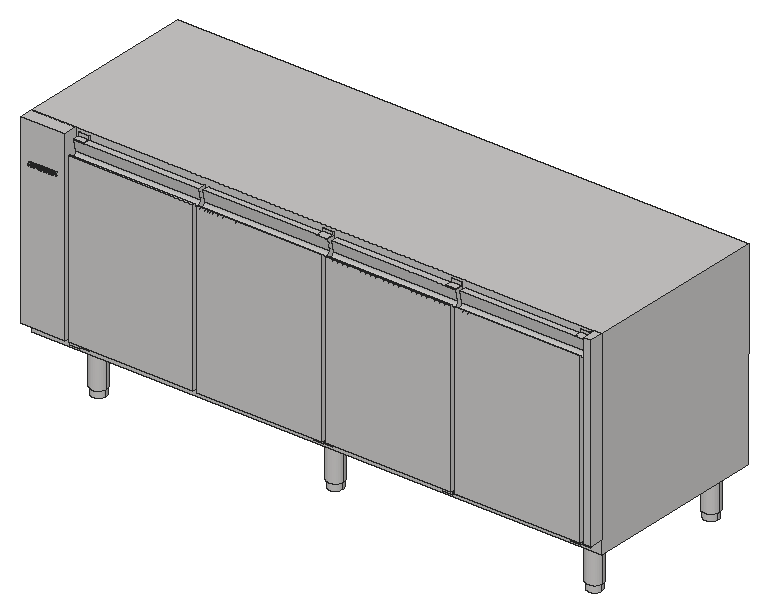
Revit family "QF_ALPENINOX_712168_AK4R8AAAA", category Specialty Equipment, Revit 2018
Family settings
  Round Connector Dimension = Use Diameter
  Part Type = Normal
  Work Plane-Based = No
  Always vertical = Yes
  Cut with Voids When Loaded = No
  Shared = No
  Room Calculation Point = No
Parameters
  Weight = 0.00 kg
  Watts = 2.78709 W
  Volts = 220 V
  URL Manufacturer = "http://www.alpeninox.com"
  URL = "http://www.alpeninox.com"
  Steam Supply Size = 0 mm
  Steam Supply Minimum Pressure = 0.0 Pa
  Steam Supply Maximum Pressure = 0.0 Pa
  Steam Pounds per Hour = 0
  Refrigeration Suction Line Size = 0 mm
  Refrigeration Liquid Line Size = 0 mm
  Refrigerant Compressor Remote = yes
  Manufacturer = "Alpeninox"
  Phase = 1
  Model = "AK4R8AAAA"
  Length Actual = 2011 mm  # constant formula
  Length = 2011 mm
  Item Number = "712168"
  Hot Water Size = 0 mm
  Height Actual = 850 mm  # constant formula
  Height = 700 mm
  HP = "0 HP"
  Gas Size = 0 mm
  Gas KW = 0
  Gas Input Pressure = 0 W
  Depth Actual = 700 mm  # constant formula
  Depth = 695 mm
  Description = "4 DOOR REFRIGERATED TABLE -2C-NO TOP REM "
  Cycle = 60 Hz
  Condensate Return Size = 0 mm
  Compressed Air Volume = 0.0 L/s
  Compressed Air Size = 0 mm
  Compressed Air Pressure = 0.0 Pa
  Cold Water Size = 0 mm
  Accessory = yes
Reference planes
  plane 1: z = 0
  plane 2 "Center (Left/Right)": x = -124.5
  plane 3 "Center (Front/Back)": y = 64.5
  plane 4 "FEET": z = 150
  plane 5 "TOP": z = 900
  plane 6 "PLAIN": z = 850
  plane 7 "EI_back": y = 359
  plane 8 "EI_left": x = -1064
  plane 9 "BACK": y = 412
  plane 10 "FRONT": y = -283
  plane 11 "DOOR": y = -233
  plane 12 "LEFT": x = -1130
  plane 13 "RIGHT": x = 881
  plane 14: x = -1105
  plane 15: x = 856
  plane 16 "RO_left": x = -1090
  plane 17 "RI_left": x = -1038
  plane 18 "RO_back": y = 375.5
  plane 19 "RI_back": y = 375.5
  plane 20 "DRAINleft": x = -1064
  plane 21 "DRAINback": y = 164
Forms (mm)
  Extrusion 1, solid, material "QF_Finishes_Stainless Steel"
    sketch origin (-1022.223, -1524, 150) x (-1, 0, 0) y (0, -1, 0)
      loop
        circle (41.777, -1883) r 5
    from 0 to -40
  Extrusion 2, solid, material "QF_Finishes_Stainless Steel"
    sketch origin (-1022.223, -1524, 150) x (-1, 0, 0) y (0, -1, 0)
      loop
        line (-1878.223, -1291) -> (-1878.223, -1241) -> (-1903.223, -1241) -> (-1903.223, -1291) -> (-1878.223, -1291)
    from 48 to 700 <- "Height"
  Extrusion 3, solid, material "QF_Finishes_Stainless Steel"
    sketch origin (-1022.223, -1524, 150) x (-1, 0, 0) y (0, -1, 0)
      loop
        circle (67.777, -1899.5) r 4.25
    from 0 to -20
  Extrusion 4, solid, material "QF_Finishes_Stainless Steel"
    sketch origin (-1022.223, -1524, 150) x (-1, 0, 0) y (0, -1, 0)
      loop
        circle (15.777, -1899.5) r 4
    from 0 to -20
  Extrusion 5, solid, material "QF_Finishes_Stainless Steel"
    sketch origin (-1022.223, -1524, 150) x (-1, 0, 0) y (0, -1, 0)
      loop
        circle (41.777, -1688) r 8.5
    from 0 to -40
  Extrusion 6, solid, material "QF_Finishes_Stainless Steel"
    sketch origin (-1022.223, -1524, 150) x (-1, 0, 0) y (0, -1, 0)
      loop
        line (107.777, -1936) -> (107.777, -1291) -> (-1903.223, -1291) -> (-1903.223, -1936) -> (107.777, -1936)
    from 0 to 700 <- "Height"
Lines and regions (mm)
  symbolic lines, style "SpecialityEquipmentHiddenLines"
    curve 1: line (-1130, 412, 150) -> (881, 412, 150)
    curve 2: line (-1130, -283, 150) -> (-1130, 412, 150)
    curve 3: line (881, -283, 150) -> (-1130, -283, 150)
    curve 4: line (881, 412, 150) -> (881, -283, 150)
    curve 5: line (-1130, -233, 150) -> (881, -233, 150)
    curve 6: line (856, -233, 150) -> (856, -283, 150)
Dimensions and locks
  plane 4 "FEET" to level = 150 mm
  plane 11 "DOOR" to plane 10 "FRONT" = 50 mm
  "Height": plane 6 "PLAIN" to plane 4 "FEET"
  plane 5 "TOP" to plane 6 "PLAIN" = 50 mm
  plane 12 "LEFT" to plane 14 = 25 mm
  plane 15 to plane 13 "RIGHT" = 25 mm
  plane 9 "BACK" to plane 18 "RO_back" = 36.5 mm
  plane 9 "BACK" to plane 7 "EI_back" = 53 mm
  plane 9 "BACK" to plane 19 "RI_back" = 36.5 mm
  plane 9 "BACK" to plane 21 "DRAINback" = 248 mm
  plane 12 "LEFT" to plane 20 "DRAINleft" = 66 mm
  plane 12 "LEFT" to plane 8 "EI_left" = 66 mm
  plane 12 "LEFT" to plane 17 "RI_left" = 92 mm
  plane 12 "LEFT" to plane 16 "RO_left" = 40 mm
  "Depth": plane 9 "BACK" to plane 10 "FRONT"
  equal spacing: plane 9 "BACK", plane 3 "Center (Front/Back)", plane 10 "FRONT"
  "Length": plane 12 "LEFT" to plane 13 "RIGHT"
  equal spacing: plane 12 "LEFT", plane 2 "Center (Left/Right)", plane 13 "RIGHT"
  aligned and locked: level to plane 1
Automatic sketch dimensions
  Extrusion 1 sketch curve to plane 7 "EI_back" = 0 mm
  Extrusion 1 sketch curve to plane 8 "EI_left" = 0 mm
  Extrusion 2 sketch curve to plane 11 "DOOR" = 0 mm
  Extrusion 2 sketch curve to plane 13 "RIGHT" = 0 mm
  Extrusion 2 sketch curve to plane 10 "FRONT" = 0 mm
  Extrusion 2 sketch curve to plane 15 = 0 mm
  Extrusion 3 sketch curve to plane 16 "RO_left" = 0 mm
  Extrusion 3 sketch curve to plane 18 "RO_back" = 0 mm
  Extrusion 4 sketch curve to plane 17 "RI_left" = 0 mm
  Extrusion 4 sketch curve to plane 19 "RI_back" = 0 mm
  Extrusion 5 sketch curve to plane 20 "DRAINleft" = 0 mm
  Extrusion 5 sketch curve to plane 21 "DRAINback" = 0 mm
  Extrusion 6 sketch curve to plane 9 "BACK" = 0 mm
  Extrusion 6 sketch curve to plane 13 "RIGHT" = 0 mm
  Extrusion 6 sketch curve to plane 11 "DOOR" = 0 mm
  Extrusion 6 sketch curve to plane 12 "LEFT" = 0 mm
  curve 1 to plane 13 "RIGHT" = 0 mm
  curve 6 to plane 15 = 0 mm
  curve 5 to plane 11 "DOOR" = 0 mm
  curve 5 to plane 12 "LEFT" = 0 mm
  curve 6 to plane 10 "FRONT" = 0 mm
  curve 1 to plane 9 "BACK" = 0 mm
  radius of Extrusion 1 sketch curve = 5 mm
  radius of Extrusion 3 sketch curve = 4.25 mm
  radius of Extrusion 4 sketch curve = 4 mm
  radius of Extrusion 5 sketch curve = 8.5 mm
Nested families
  nested 1: "Refrigerator" at (881, -283, 0), type "Refrigerator"
  nested 2: "FEET" at (-934, 331, 0), type "FEET"
  nested 3: "FEET" at (815, 331, 0), type "FEET"
  nested 4: "FEET" at (-934, -183, 0), type "FEET"
  nested 5: "FEET" at (815, -183, 0), type "FEET"
  nested 6: "FEET" at (-99, -183, 0), type "FEET"
  nested 7: "APX_REM_TN_L" at (-973.08, -233, 598) x (1, 0, 0) z (0, -1, 0), type "APX_REM_TN_L"
    with Show Logo yes
  nested 8: "APX_SD_L" at (-740, -233, 512) x (1, 0, 0) z (0, -1, 0), type "APX_SD_L"
    with Show Clearance yes
  nested 9: "APX_SD_R" at (-286, -233, 512) x (1, 0, 0) z (0, -1, 0), type "APX_SD_R"
    with Show Clearance yes
  nested 10: "APX_SD_R" at (168, -233, 512) x (1, 0, 0) z (0, -1, 0), type "APX_SD_R"
    with Show Clearance yes
  nested 11: "APX_SD_R" at (622, -233, 512) x (1, 0, 0) z (0, -1, 0), type "APX_SD_R"
    with Show Clearance yes
Connectors
  electrical at (-1064, 359, 110), driven by "Volts"
    settings: on Extrusion 1, index 1, voltage 220 V, apparent load 0 VA, apparent load phase1 0 VA, apparent load phase2 0 VA, apparent load phase3 0 VA, power factor 1, load classification "Other", number of poles 1, system type 31, power factor state 1, is connector primary yes, connector utility no, sub classification motor no, connector description "Electrical Connection"
  piping at (-1090, 375.5, 130), diameter 9.5
    settings: on Extrusion 3, index 3, connector inside diameter 609.6 mm, connector length 0 mm, flow factor 0, pipe flow 0.0 L/s, pressure drop 0.0 Pa, fitting loss kfactor 0, connector angle 0.00°, fixture units 0, engagement length 0 mm, angle of deflection 0.00°, flow configuration 1, flow direction 2, fitting loss method 0, system type 8, joint type 0, gender type 0, connector reference index -1, connector utility 0, adjustable connector no, is connector primary yes, connector description "Refrigerant Outlet"
  piping at (-1038, 375.5, 130), diameter 8
    settings: on Extrusion 4, index 4, connector inside diameter 609.6 mm, connector length 0 mm, flow factor 0, pipe flow 0.0 L/s, pressure drop 0.0 Pa, fitting loss kfactor 0, connector angle 0.00°, fixture units 0, engagement length 0 mm, angle of deflection 0.00°, flow configuration 1, flow direction 1, fitting loss method 0, system type 7, joint type 0, gender type 0, connector reference index -1, connector utility 0, adjustable connector no, is connector primary no, connector description "Refrigerant Inlet"
  piping at (-1064, 164, 110), diameter 17
    settings: on Extrusion 5, index 5, connector inside diameter 609.6 mm, connector length 0 mm, flow factor 0, pipe flow 0.0 L/s, pressure drop 0.0 Pa, fitting loss kfactor 0, connector angle 0.00°, fixture units 0, engagement length 0 mm, angle of deflection 0.00°, flow configuration 1, flow direction 2, fitting loss method 0, system type 16, joint type 0, gender type 0, connector reference index -1, connector utility 0, adjustable connector no, is connector primary no, connector description "Drain"
Definition of nested family "FEET"
  Parameters
    FEET = 150 mm
  Reference planes
    plane 1 "Center (Front/Back)": y = 0
    plane 2: z = 0
    plane 3 "Center (Left/Right)": x = 0
    plane 4: z = 150
  Forms (mm)
    Revolve 1, solid
      sketch origin (255.05, 0, 608.09) x (0, 0, 1) y (-1, 0, 0)
        loop
          line (-608.09, 255.05) -> (-608.09, 230.05) -> (-583.09, 230.05) -> (-583.09, 226.05) -> (-458.09, 226.05) -> (-458.09, 255.05) -> (-608.09, 255.05)
        axis (-608.09, 255.05) -> (-458.09, 255.05)
      angle from 0 to 360
  Dimensions and locks
    locked: Revolve 1 sketch curve to Revolve 1 sketch curve at 125
    "FEET": plane 4 to plane 2
    aligned and locked: level to plane 2
    aligned and locked: plane 4 to Revolve 1 sketch curve
    aligned and locked: Revolve 1 sketch curve to level
    aligned and locked: plane 3 "Center (Left/Right)" to Revolve 1 sketch curve
  Automatic sketch dimensions
    Revolve 1 sketch curve to plane 3 "Center (Left/Right)" = 0 mm
    Revolve 1 sketch curve to Revolve 1 sketch curve = 25 mm
    Revolve 1 sketch curve to Revolve 1 sketch curve = 29 mm
    plane 4 to Revolve 1 sketch curve = 50 mm
    Revolve 1 sketch curve to Revolve 1 sketch curve = 20 mm
Definition of nested family "APX_REM_TN_L"
  Parameters
    Show Logo [instance] = yes
    Default Elevation = 1219.2 mm
  Reference planes
    plane 1 "Centro (Fronte/Retro)": y = -74
    plane 2: z = 0
    plane 3 "Centro (Sinistra/Destra)": x = -78.92
  Forms (mm)
    Extrusion 1, solid
      sketch origin (0, 0, 0) x (1, 0, 0) y (0, 1, 0)
        loop
          line (-1219.2, 1219.2) -> (-1219.2, -1219.2) -> (1219.2, -1219.2) -> (1219.2, 1219.2) -> (-1219.2, 1219.2)
      from 0 to -304.8
    Extrusion 2, solid
      sketch origin (1.08, 0, 0) x (1, 0, 0) y (0, 1, 0)
        loop
          line (-158, 252) -> (-158, -400) -> (-2, -400) -> (-2, 252) -> (-158, 252)
      from 0 to 50
    Extrusion 3, solid
      sketch origin (44.22, -49.023, 0) x (1, 0, 0) y (0, 1, 0)
        loop
          line (-168.675, 170.349) -> (-172.411, 160.318)
          arc (-172.411, 160.318) -> (-171.624, 158.497) -> (-169.837, 159.36) r 1.374
          line (-169.837, 159.36) -> (-169.268, 161.111) -> (-164.1, 161.111) -> (-163.54, 159.379)
          arc (-163.54, 159.379) -> (-161.802, 158.542) -> (-161.049, 160.318) r 1.333
          line (-161.049, 160.318) -> (-164.694, 170.349)
          arc (-164.694, 170.349) -> (-166.685, 171.876) -> (-168.675, 170.349) r 2.06
        loop
          line (-166.681, 169.055) -> (-168.469, 163.655) -> (-164.935, 163.655) -> (-166.681, 169.055)
        loop
          arc (-159.705, 160.042) -> (-159.262, 158.973) -> (-158.194, 158.531) r 1.512
          line (-158.194, 158.531) -> (-153.608, 158.531)
          arc (-153.608, 158.531) -> (-152.337, 159.802) -> (-153.608, 161.074) r 1.272
          line (-153.608, 161.074) -> (-156.917, 161.074) -> (-156.917, 170.328)
          arc (-156.917, 170.328) -> (-158.311, 171.722) -> (-159.705, 170.328) r 1.394
          line (-159.705, 170.328) -> (-159.705, 160.042)
        loop
          line (-151.076, 170.218) -> (-151.076, 159.859)
          arc (-151.076, 159.859) -> (-149.683, 158.466) -> (-148.29, 159.859) r 1.393
          line (-148.29, 159.859) -> (-148.29, 162.882) -> (-146.225, 162.882)
          arc (-146.225, 162.882) -> (-142.999, 163.859) -> (-141.608, 166.928) r 4.082
          arc (-141.608, 166.928) -> (-142.993, 170.272) -> (-146.336, 171.657) r 4.728
          line (-146.336, 171.657) -> (-149.638, 171.657)
          arc (-149.638, 171.657) -> (-150.655, 171.235) -> (-151.076, 170.218) r 1.439
        loop
          line (-148.29, 165.313) -> (-146.388, 165.313)
          arc (-146.388, 165.313) -> (-144.433, 167.268) -> (-146.388, 169.222) r 1.955
          line (-146.388, 169.222) -> (-148.29, 169.222) -> (-148.29, 165.313)
        loop
          arc (-131.184, 166.332) -> (-132.004, 168.2) -> (-133.767, 169.228) r 3.3
          arc (-133.767, 169.228) -> (-136.353, 168.661) -> (-137.611, 166.332) r 3.176
          line (-137.611, 166.332) -> (-131.184, 166.332)
        loop
          line (-137.538, 163.743) -> (-130.544, 163.743)
          arc (-130.544, 163.743) -> (-129.292, 163.916) -> (-128.301, 164.701) r 2.4
          arc (-128.301, 164.701) -> (-128.155, 165.545) -> (-128.212, 166.399) r 3.635
          arc (-128.212, 166.399) -> (-130.364, 170.162) -> (-134.39, 171.769) r 6.579
          arc (-134.39, 171.769) -> (-138.918, 169.706) -> (-140.661, 165.044) r 6.501
          arc (-140.661, 165.044) -> (-139.276, 160.789) -> (-135.401, 158.549) r 6.252
          arc (-135.401, 158.549) -> (-132.922, 158.526) -> (-130.544, 159.232) r 8.361
          arc (-130.544, 159.232) -> (-129.466, 159.781) -> (-128.641, 160.666) r 3.486
          arc (-128.641, 160.666) -> (-128.419, 161.592) -> (-128.828, 162.451) r 1.425
          arc (-128.828, 162.451) -> (-129.368, 162.762) -> (-129.99, 162.762) r 1.203
          arc (-129.99, 162.762) -> (-130.406, 162.59) -> (-130.764, 162.316) r 1.724
          arc (-130.764, 162.316) -> (-131.666, 161.705) -> (-132.646, 161.229) r 7.6
          arc (-132.646, 161.229) -> (-135.676, 161.35) -> (-137.538, 163.743) r 3.6
        loop
          line (-126.669, 170.328) -> (-126.669, 159.859)
          arc (-126.669, 159.859) -> (-125.273, 158.463) -> (-123.878, 159.859) r 1.396
          line (-123.878, 159.859) -> (-123.878, 166.785) -> (-117.946, 159.029)
          arc (-117.946, 159.029) -> (-116.361, 158.51) -> (-115.379, 159.859) r 1.417
          line (-115.379, 159.859) -> (-115.379, 170.328)
          arc (-115.379, 170.328) -> (-116.774, 171.723) -> (-118.169, 170.328) r 1.395
          line (-118.169, 170.328) -> (-118.169, 163.311) -> (-124.101, 171.157)
          arc (-124.101, 171.157) -> (-125.687, 171.678) -> (-126.669, 170.328) r 1.418
        loop
          arc (-113.636, 159.859) -> (-112.241, 158.464) -> (-110.847, 159.859) r 1.394
          line (-110.847, 159.859) -> (-110.847, 170.328)
          arc (-110.847, 170.328) -> (-112.241, 171.723) -> (-113.636, 170.328) r 1.394
          line (-113.636, 170.328) -> (-113.636, 159.859)
        loop
          line (-109.102, 170.328) -> (-109.102, 159.859)
          arc (-109.102, 159.859) -> (-107.706, 158.463) -> (-106.31, 159.859) r 1.396
          line (-106.31, 159.859) -> (-106.31, 166.785) -> (-100.378, 159.029)
          arc (-100.378, 159.029) -> (-98.793, 158.51) -> (-97.812, 159.859) r 1.417
          line (-97.812, 159.859) -> (-97.812, 170.328)
          arc (-97.812, 170.328) -> (-99.207, 171.723) -> (-100.602, 170.328) r 1.395
          line (-100.602, 170.328) -> (-100.602, 163.311) -> (-106.533, 171.157)
          arc (-106.533, 171.157) -> (-108.119, 171.678) -> (-109.102, 170.328) r 1.418
        loop
          arc (-96.345, 165.093) -> (-95.619, 161.877) -> (-93.467, 159.379) r 6.806
          arc (-93.467, 159.379) -> (-91.792, 158.566) -> (-89.948, 158.31) r 5.956
          arc (-89.948, 158.31) -> (-88.104, 158.566) -> (-86.43, 159.379) r 5.956
          arc (-86.43, 159.379) -> (-84.277, 161.877) -> (-83.551, 165.093) r 6.806
          arc (-83.551, 165.093) -> (-84.277, 168.31) -> (-86.43, 170.808) r 6.806
          arc (-86.43, 170.808) -> (-88.104, 171.621) -> (-89.948, 171.877) r 5.956
          arc (-89.948, 171.877) -> (-91.792, 171.621) -> (-93.467, 170.808) r 5.956
          arc (-93.467, 170.808) -> (-95.619, 168.31) -> (-96.345, 165.093) r 6.806
        loop
          arc (-93.425, 165.093) -> (-93.138, 163.212) -> (-92.081, 161.629) r 4.387
          arc (-92.081, 161.629) -> (-91.087, 161.049) -> (-89.948, 160.881) r 3.035
          arc (-89.948, 160.881) -> (-88.809, 161.049) -> (-87.815, 161.629) r 3.035
          arc (-87.815, 161.629) -> (-86.759, 163.212) -> (-86.472, 165.093) r 4.387
          arc (-86.472, 165.093) -> (-86.759, 166.975) -> (-87.815, 168.558) r 4.387
          arc (-87.815, 168.558) -> (-88.809, 169.138) -> (-89.948, 169.306) r 3.035
          arc (-89.948, 169.306) -> (-91.087, 169.138) -> (-92.081, 168.558) r 3.035
          arc (-92.081, 168.558) -> (-93.138, 166.975) -> (-93.425, 165.093) r 4.387
        loop
          line (-82.843, 169.609) -> (-79.829, 165.552) -> (-83.513, 160.652)
          arc (-83.513, 160.652) -> (-83.216, 158.692) -> (-81.262, 159.029) r 1.388
          line (-81.262, 159.029) -> (-78.213, 163.232) -> (-75.164, 159.029)
          arc (-75.164, 159.029) -> (-73.211, 158.692) -> (-72.913, 160.652) r 1.388
          line (-72.913, 160.652) -> (-76.597, 165.552) -> (-73.584, 169.609)
          arc (-73.584, 169.609) -> (-73.952, 171.597) -> (-75.908, 171.084) r 1.38
          line (-75.908, 171.084) -> (-78.213, 167.841) -> (-80.519, 171.084)
          arc (-80.519, 171.084) -> (-82.474, 171.597) -> (-82.843, 169.609) r 1.38
      from 50 to 51.6
  Lines and regions (mm)
    Split face 1
      outline origin (1.08, 0, 50) x (1, 0, 0) y (0, 1, 0)
        loop
          line (-2, 188) -> (-158, 188)
    Split face 2
      outline origin (1.08, 0, 50) x (1, 0, 0) y (0, 1, 0)
        loop
          line (-158, 178) -> (-2, 178)
    Split face 3
      outline origin (1.08, 0, 50) x (1, 0, 0) y (0, 1, 0)
        loop
          line (-2, 104) -> (-158, 104)
    Split face 4
      outline origin (1.08, 0, 50) x (1, 0, 0) y (0, 1, 0)
        loop
          line (-2, 94) -> (-158, 94)
    Split face 5
      outline origin (1.08, 0, 50) x (1, 0, 0) y (0, 1, 0)
        loop
          line (-110, 163.931) -> (-110, 134.412) -> (-50, 134.412) -> (-50, 163.931) -> (-110, 163.931)
    Split face 6
      outline origin (1.08, 0, 50) x (1, 0, 0) y (0, 1, 0)
        loop
          line (-70, 160.931) -> (-70, 137.412) -> (-53, 137.412) -> (-53, 160.931) -> (-70, 160.931)
    symbolic lines
      curve 1: line (-2, -74, 50) -> (-2, -74, 0)
  Dimensions and locks
    equal spacing: Extrusion 2, plane 3 "Centro (Sinistra/Destra)", Extrusion 2
    equal spacing: Extrusion 2, plane 1 "Centro (Fronte/Retro)", Extrusion 2
    aligned and locked: plane 2 to Extrusion 1
    aligned and locked: level to Extrusion 1
  Automatic sketch dimensions
    curve 1 to level = 0 mm
    plane 3 "Centro (Sinistra/Destra)" to curve 1 = 76.92 mm
    curve 1 to curve 1 = 50 mm
    Extrusion 1 sketch curve to Extrusion 1 sketch curve = 2438.4 mm  (x2)
    Extrusion 2 sketch curve to plane 3 "Centro (Sinistra/Destra)" = 78 mm
    plane 3 "Centro (Sinistra/Destra)" to Extrusion 2 sketch curve = 78 mm
    plane 1 "Centro (Fronte/Retro)" to Extrusion 2 sketch curve = 326 mm
    Extrusion 2 sketch curve to plane 1 "Centro (Fronte/Retro)" = 326 mm
    Extrusion 3 sketch curve to plane 3 "Centro (Sinistra/Destra)" = 49.27 mm
    Extrusion 3 sketch curve to Extrusion 3 sketch curve = 1.266 mm
    Extrusion 3 sketch curve to Extrusion 3 sketch curve = 1.307 mm
    Extrusion 3 sketch curve to Extrusion 3 sketch curve = 0.57 mm
    Extrusion 3 sketch curve to Extrusion 3 sketch curve = 0.593 mm
    Extrusion 3 sketch curve to Extrusion 3 sketch curve = 0.799 mm
    Extrusion 3 sketch curve to Extrusion 3 sketch curve = 1.99 mm  (x2)
    Extrusion 3 sketch curve to Extrusion 3 sketch curve = 0.003 mm
    Extrusion 3 sketch curve to Extrusion 3 sketch curve = 3.534 mm
    Extrusion 3 sketch curve to Extrusion 3 sketch curve = 0.835 mm
    Extrusion 3 sketch curve to Extrusion 3 sketch curve = 0.56 mm
    Extrusion 3 sketch curve to Extrusion 3 sketch curve = 1.268 mm
    Extrusion 3 sketch curve to Extrusion 3 sketch curve = 1.223 mm
    Extrusion 3 sketch curve to Extrusion 3 sketch curve = 1.344 mm
    Extrusion 3 sketch curve to Extrusion 3 sketch curve = 1.394 mm  (x2)
    Extrusion 3 sketch curve to Extrusion 3 sketch curve = 1.512 mm
    Extrusion 3 sketch curve to Extrusion 3 sketch curve = 3.309 mm
    Extrusion 3 sketch curve to Extrusion 3 sketch curve = 5.841 mm
    Extrusion 3 sketch curve to Extrusion 3 sketch curve = 1.393 mm
    Extrusion 3 sketch curve to Extrusion 3 sketch curve = 1.439 mm
    Extrusion 3 sketch curve to Extrusion 3 sketch curve = 0 mm  (x19)
    Extrusion 3 sketch curve to Extrusion 3 sketch curve = 1.902 mm
    Extrusion 3 sketch curve to Extrusion 3 sketch curve = 0.052 mm
    Extrusion 3 sketch curve to Extrusion 3 sketch curve = 2.065 mm
    Extrusion 3 sketch curve to Extrusion 3 sketch curve = 0.647 mm
    Extrusion 3 sketch curve to Extrusion 3 sketch curve = 8.079 mm
    Extrusion 3 sketch curve to Extrusion 3 sketch curve = 0.073 mm
    Extrusion 3 sketch curve to Extrusion 3 sketch curve = 2.145 mm
    Extrusion 3 sketch curve to Extrusion 3 sketch curve = 2.931 mm
    Extrusion 3 sketch curve to Extrusion 3 sketch curve = 0.213 mm
    Extrusion 3 sketch curve to Extrusion 3 sketch curve = 0.026 mm
    Extrusion 3 sketch curve to Extrusion 3 sketch curve = 0.263 mm
    Extrusion 3 sketch curve to Extrusion 3 sketch curve = 0.516 mm
    Extrusion 3 sketch curve to Extrusion 3 sketch curve = 0.356 mm
    Extrusion 3 sketch curve to Extrusion 3 sketch curve = 0.387 mm
    Extrusion 3 sketch curve to Extrusion 3 sketch curve = 2.378 mm
    Extrusion 3 sketch curve to Extrusion 3 sketch curve = 2.466 mm
    Extrusion 3 sketch curve to Extrusion 3 sketch curve = 0.602 mm
    Extrusion 3 sketch curve to Extrusion 3 sketch curve = 1.02 mm
    Extrusion 3 sketch curve to Extrusion 3 sketch curve = 0.949 mm
    Extrusion 3 sketch curve to Extrusion 3 sketch curve = 1.728 mm
    Extrusion 3 sketch curve to Extrusion 3 sketch curve = 0.157 mm  (x2)
    Extrusion 3 sketch curve to Extrusion 3 sketch curve = 0.292 mm
    Extrusion 3 sketch curve to plane 3 "Centro (Sinistra/Destra)" = 3.529 mm
    Extrusion 3 sketch curve to Extrusion 3 sketch curve = 1.396 mm  (x2)
    Extrusion 3 sketch curve to Extrusion 3 sketch curve = 1.418 mm  (x2)
    Extrusion 3 sketch curve to plane 3 "Centro (Sinistra/Destra)" = 0.96 mm
    plane 3 "Centro (Sinistra/Destra)" to Extrusion 3 sketch curve = 4.971 mm
    Extrusion 3 sketch curve to Extrusion 3 sketch curve = 0.224 mm  (x2)
    Extrusion 3 sketch curve to Extrusion 3 sketch curve = 1.149 mm  (x2)
    Extrusion 3 sketch curve to Extrusion 3 sketch curve = 1.395 mm  (x2)
    Extrusion 3 sketch curve to Extrusion 3 sketch curve = 1.744 mm
    Extrusion 3 sketch curve to Extrusion 3 sketch curve = 1.745 mm
    Extrusion 3 sketch curve to Extrusion 3 sketch curve = 1.151 mm
    Extrusion 3 sketch curve to Extrusion 3 sketch curve = 5.709 mm
    Extrusion 3 sketch curve to Extrusion 3 sketch curve = 6.963 mm
    Extrusion 3 sketch curve to Extrusion 3 sketch curve = 0.493 mm  (x3)
    Extrusion 3 sketch curve to Extrusion 3 sketch curve = 0.273 mm  (x2)
    Extrusion 3 sketch curve to Extrusion 3 sketch curve = 0.021 mm  (x2)
    Extrusion 3 sketch curve to Extrusion 3 sketch curve = 0.226 mm  (x2)
    Extrusion 3 sketch curve to Extrusion 3 sketch curve = 0.268 mm  (x2)
    Extrusion 3 sketch curve to Extrusion 3 sketch curve = 0.294 mm
    Extrusion 3 sketch curve to Extrusion 3 sketch curve = 5.534 mm
    Extrusion 3 sketch curve to Extrusion 3 sketch curve = 6.205 mm
    Extrusion 3 sketch curve to Extrusion 3 sketch curve = 1.109 mm  (x2)
    Extrusion 3 sketch curve to Extrusion 3 sketch curve = 1.108 mm  (x2)
    Extrusion 3 sketch curve to Extrusion 3 sketch curve = 1.142 mm  (x2)
    Extrusion 3 sketch curve to Extrusion 3 sketch curve = 1.216 mm  (x2)
    Extrusion 3 sketch curve to Extrusion 3 sketch curve = 3.013 mm
    Extrusion 3 sketch curve to Extrusion 3 sketch curve = 1.616 mm  (x3)
    Extrusion 3 sketch curve to Extrusion 3 sketch curve = 2.305 mm
    Extrusion 3 sketch curve to Extrusion 3 sketch curve = 3.049 mm
    Extrusion 3 sketch curve to plane 1 "Centro (Fronte/Retro)" = 183.508 mm
    Extrusion 3 sketch curve to Extrusion 3 sketch curve = 0.498 mm
    Extrusion 3 sketch curve to Extrusion 3 sketch curve = 0.682 mm
    Extrusion 3 sketch curve to Extrusion 3 sketch curve = 0.664 mm
    Extrusion 3 sketch curve to Extrusion 3 sketch curve = 0.425 mm
    Extrusion 3 sketch curve to Extrusion 3 sketch curve = 0.41 mm
    Extrusion 3 sketch curve to Extrusion 3 sketch curve = 1.272 mm
    Extrusion 3 sketch curve to Extrusion 3 sketch curve = 0.789 mm  (x2)
    Extrusion 3 sketch curve to Extrusion 3 sketch curve = 0.056 mm
    Extrusion 3 sketch curve to Extrusion 3 sketch curve = 0.83 mm
    Extrusion 3 sketch curve to Extrusion 3 sketch curve = 1.238 mm
    Extrusion 3 sketch curve to Extrusion 3 sketch curve = 1.732 mm
    Extrusion 3 sketch curve to Extrusion 3 sketch curve = 0.346 mm
    Extrusion 3 sketch curve to Extrusion 3 sketch curve = 1.123 mm
    Extrusion 3 sketch curve to Extrusion 3 sketch curve = 3.023 mm
    Extrusion 3 sketch curve to Extrusion 3 sketch curve = 4.203 mm
    Extrusion 3 sketch curve to Extrusion 3 sketch curve = 3.452 mm  (x2)
    Extrusion 3 sketch curve to Extrusion 3 sketch curve = 2.544 mm
    Extrusion 3 sketch curve to Extrusion 3 sketch curve = 1.177 mm
    Extrusion 3 sketch curve to Extrusion 3 sketch curve = 3.261 mm
    Extrusion 3 sketch curve to Extrusion 3 sketch curve = 0.352 mm  (x2)
    Extrusion 3 sketch curve to Extrusion 3 sketch curve = 1.987 mm
    Extrusion 3 sketch curve to Extrusion 3 sketch curve = 0.171 mm
    Extrusion 3 sketch curve to Extrusion 3 sketch curve = 0.533 mm  (x3)
    Extrusion 3 sketch curve to Extrusion 3 sketch curve = 0.14 mm  (x4)
    Extrusion 3 sketch curve to Extrusion 3 sketch curve = 0.473 mm
    Extrusion 3 sketch curve to Extrusion 3 sketch curve = 0.31 mm  (x2)
    Extrusion 3 sketch curve to Extrusion 3 sketch curve = 0.075 mm
    Extrusion 3 sketch curve to Extrusion 3 sketch curve = 2.431 mm
    Extrusion 3 sketch curve to Extrusion 3 sketch curve = 2.32 mm  (x2)
    Extrusion 3 sketch curve to Extrusion 3 sketch curve = 1.992 mm
    Extrusion 3 sketch curve to Extrusion 3 sketch curve = 0.674 mm
    Extrusion 3 sketch curve to Extrusion 3 sketch curve = 0.732 mm
    Extrusion 3 sketch curve to Extrusion 3 sketch curve = 0.388 mm
    Extrusion 3 sketch curve to Extrusion 3 sketch curve = 0.121 mm
    Extrusion 3 sketch curve to Extrusion 3 sketch curve = 2.589 mm
    Extrusion 3 sketch curve to Extrusion 3 sketch curve = 0.662 mm
    Extrusion 3 sketch curve to Extrusion 3 sketch curve = 3.473 mm
    Extrusion 3 sketch curve to Extrusion 3 sketch curve = 0.681 mm
    Extrusion 3 sketch curve to Extrusion 3 sketch curve = 1.615 mm
    Extrusion 3 sketch curve to Extrusion 3 sketch curve = 0.34 mm
    Extrusion 3 sketch curve to Extrusion 3 sketch curve = 2.288 mm
    Extrusion 3 sketch curve to Extrusion 3 sketch curve = 0.942 mm
    Extrusion 3 sketch curve to Extrusion 3 sketch curve = 5.4 mm
    Extrusion 3 sketch curve to Extrusion 3 sketch curve = 1.768 mm  (x2)
    Extrusion 3 sketch curve to Extrusion 3 sketch curve = 0.761 mm
    Extrusion 3 sketch curve to Extrusion 3 sketch curve = 0.996 mm
    Extrusion 3 sketch curve to Extrusion 3 sketch curve = 3.543 mm  (x2)
    Extrusion 3 sketch curve to Extrusion 3 sketch curve = 7.017 mm
    Extrusion 3 sketch curve to Extrusion 3 sketch curve = 0.11 mm
    Extrusion 3 sketch curve to Extrusion 3 sketch curve = 0.823 mm  (x2)
    Extrusion 3 sketch curve to Extrusion 3 sketch curve = 0.947 mm
    Extrusion 3 sketch curve to Extrusion 3 sketch curve = 3.837 mm
    Extrusion 3 sketch curve to Extrusion 3 sketch curve = 0.623 mm
    Extrusion 3 sketch curve to Extrusion 3 sketch curve = 1.082 mm
    Extrusion 3 sketch curve to Extrusion 3 sketch curve = 0.801 mm
    Extrusion 3 sketch curve to Extrusion 3 sketch curve = 1 mm
    Extrusion 3 sketch curve to Extrusion 3 sketch curve = 0.089 mm
    Extrusion 3 sketch curve to Extrusion 3 sketch curve = 4.257 mm
    Extrusion 3 sketch curve to Extrusion 3 sketch curve = 4.345 mm  (x2)
    Extrusion 3 sketch curve to Extrusion 3 sketch curve = 2.576 mm
    Extrusion 3 sketch curve to Extrusion 3 sketch curve = 1.385 mm  (x4)
    Extrusion 3 sketch curve to Extrusion 3 sketch curve = 2.133 mm  (x4)
    Extrusion 3 sketch curve to Extrusion 3 sketch curve = 3.518 mm
    Extrusion 3 sketch curve to Extrusion 3 sketch curve = 5.603 mm
    Extrusion 3 sketch curve to Extrusion 3 sketch curve = 2.571 mm
    Split face 1 sketch curve to Extrusion 2 = 0 mm  (x2)
    Split face 1 sketch curve to Extrusion 2 = 64 mm
    Split face 2 sketch curve to Extrusion 2 = 0 mm
    Split face 2 sketch curve to Extrusion 2 = 74 mm
    Extrusion 2 to Split face 2 sketch curve = 0 mm
    Split face 3 sketch curve to Extrusion 2 = 0 mm  (x2)
    Split face 3 sketch curve to Extrusion 2 = 148 mm
    Split face 4 sketch curve to Extrusion 2 = 0 mm  (x2)
    Split face 4 sketch curve to Extrusion 2 = 158 mm
    Split face 5 sketch curve to Extrusion 2 = 48 mm  (x2)
    Split face 5 sketch curve to Extrusion 2 = 117.588 mm
    Split face 5 sketch curve to Split face 5 sketch curve = 29.518 mm
    Split face 6 sketch curve to Extrusion 2 = 68 mm
    Split face 6 sketch curve to Split face 6 sketch curve = 17 mm
    Split face 6 sketch curve to Extrusion 2 = 114.588 mm
    Split face 6 sketch curve to Split face 6 sketch curve = 23.518 mm
Definition of nested family "APX_SD_L"
  Parameters
    Show Clearance [instance] = yes
    Default Elevation = 1219.2 mm
  Reference planes
    plane 1 "Center (Front/Back)": y = 0
    plane 2: z = 0
    plane 3 "Center (Left/Right)": x = 0
    plane 4: x = -234
    plane 5: x = 234
  Forms (mm)
    Extrusion 1, solid
      sketch origin (0, 0, 0) x (1, 0, 0) y (0, 1, 0)
        loop
          line (-1219.2, 1219.2) -> (-1219.2, -1219.2) -> (1219.2, -1219.2) -> (1219.2, 1219.2) -> (-1219.2, 1219.2)
      from 0 to -304.8
    Extrusion 2, solid
      sketch origin (0, 0, -3) x (0, 1, 0) y (0, 0, 1)
        loop
          line (-314, 53) -> (-314, 3) -> (314, 3) -> (314, 29) -> (274.395, 20)
          arc (274.395, 20) -> (260.396, 33.803) -> (274, 47.994) r 14
          line (274, 47.994) -> (274, 53) -> (-314, 53)
      from -220 to 220
    Extrusion 3, solid
      sketch origin (0, 0, 0) x (0, 1, 0) y (0, 0, -1)
        loop
          line (-323.003, -40.312) -> (-323.003, -12.259) -> (-323.003, 0) -> (-351.511, 0) -> (-351.511, -2.5) -> (-325.503, -2.5) -> (-325.503, -42.812) -> (-316.501, -42.812) -> (-316.501, -40.312) -> (-323.003, -40.312)
        loop
          line (-314, -38.311) -> (-314, -11.804) -> (-319.752, -11.804) -> (-319.752, -14.304) -> (-316.501, -14.304) -> (-316.501, -38.311) -> (-314, -38.311)
        loop
          line (315.003, -27.948) -> (317.503, -27.948) -> (317.503, -2.5) -> (327.503, -2.5) -> (327.503, 0) -> (315.003, 0) -> (315.003, -2.948) -> (315.003, -27.948)
      from 185 to 220
    Extrusion 4, solid, visible <- "Show Clearance", detail levels coarse
      sketch origin (0, 0, -3) x (-1, 0, 0) y (0, 0, -1)
        loop
          line (220, -53) -> (-220, -53)
          arc (-220, -53) -> (-79.636, -340.04) -> (220, -451) r 430
          line (220, -451) -> (220, -53)
      from -314 to 314
  Lines and regions (mm)
    symbolic lines
      curve 1: arc (219.599, 0, 55) -> (95.934, 0, 321.503) -> (-170, 0, 446.39) r 430
      curve 2: line (-220, 0, 55) -> (-220, 0, 448)
      curve 3: line (-170, 0, 55) -> (-170, 0, 448)
      curve 4: line (-220, 0, 448) -> (-170, 0, 448)
  Dimensions and locks
    plane 4 to plane 3 "Center (Left/Right)" to plane 5 = 234 mm locked, 234 mm locked
    aligned and locked: plane 2 to Extrusion 1
    aligned and locked: level to Extrusion 1
Definition of nested family "APX_SD_R"
  Parameters
    Show Clearance [instance] = yes
    Default Elevation = 1219.2 mm
  Reference planes
    plane 1 "Center (Front/Back)": y = 0
    plane 2: z = 0
    plane 3 "Center (Left/Right)": x = 0
    plane 4: x = -234
    plane 5: x = 234
  Forms (mm)
    Extrusion 1, solid
      sketch origin (0, 0, 0) x (1, 0, 0) y (0, 1, 0)
        loop
          line (-1219.2, 1219.2) -> (-1219.2, -1219.2) -> (1219.2, -1219.2) -> (1219.2, 1219.2) -> (-1219.2, 1219.2)
      from 0 to -304.8
    Extrusion 2, solid
      sketch origin (0, 0, -3) x (0, 1, 0) y (0, 0, -1)
        loop
          line (-314, -53) -> (274, -53) -> (274, -47.994)
          arc (274, -47.994) -> (260.396, -33.803) -> (274.395, -20) r 14
          line (274.395, -20) -> (314, -29) -> (314, -3) -> (-314, -3) -> (-314, -53)
      from -220 to 220
    Extrusion 3, solid
      sketch origin (0, 0, 0) x (0, 1, 0) y (0, 0, 1)
        loop
          line (-323.003, 40.312) -> (-316.501, 40.312) -> (-316.501, 42.812) -> (-325.503, 42.812) -> (-325.503, 2.5) -> (-351.511, 2.5) -> (-351.511, 0) -> (-323.003, 0) -> (-323.003, 12.259) -> (-323.003, 40.312)
        loop
          line (-314, 38.311) -> (-316.501, 38.311) -> (-316.501, 14.304) -> (-319.752, 14.304) -> (-319.752, 11.804) -> (-314, 11.804) -> (-314, 38.311)
        loop
          line (315.003, 27.948) -> (315.003, 2.948) -> (315.003, 0) -> (327.503, 0) -> (327.503, 2.5) -> (317.503, 2.5) -> (317.503, 27.948) -> (315.003, 27.948)
      from 185 to 220
    Extrusion 4, solid, visible <- "Show Clearance", detail levels coarse
      sketch origin (0, 0, -3) x (1, 0, 0) y (0, 0, 1)
        loop
          line (220, 53) -> (220, 451)
          arc (220, 451) -> (-79.636, 340.04) -> (-220, 53) r 430
          line (-220, 53) -> (220, 53)
      from -314 to 314
  Lines and regions (mm)
    symbolic lines
      curve 1: arc (-219.599, 0, 55) -> (-95.934, 0, 321.503) -> (170, 0, 446.39) r 430
      curve 2: line (220, 0, 55) -> (220, 0, 448)
      curve 3: line (170, 0, 55) -> (170, 0, 448)
      curve 4: line (220, 0, 448) -> (170, 0, 448)
  Dimensions and locks
    plane 4 to plane 3 "Center (Left/Right)" to plane 5 = 234 mm locked, 234 mm locked
    aligned and locked: plane 2 to Extrusion 1
    aligned and locked: level to Extrusion 1
Definition of nested family "Refrigerator"
  Reference planes
    plane 1 "Center (Front/Back)": y = 0
    plane 2: z = 0
    plane 3 "Center (Left/Right)": x = 0
  Lines and regions (mm)
    detail lines, in view "Ref. Level"
      curve 1: spline (-500, 190, 0) -> (-493.185, 166.706, 0) -> (-473.205, 145, 0) -> (-441.421, 126.36, 0) -> (-400, 112.058, 0) -> (-351.764, 103.067, 0) -> (-300, 100, 0) -> (-248.236, 103.067, 0) -> (-200, 112.058, 0) -> (-158.579, 126.36, 0) -> (-126.795, 145, 0) -> (-106.815, 166.706, 0) -> (-100, 190, 0) -> (-106.815, 213.294, 0) -> (-126.795, 235, 0) -> (-158.579, 253.64, 0) -> (-200, 267.942, 0) -> (-248.236, 276.933, 0) -> (-300, 280, 0) -> (-351.764, 276.933, 0) -> (-400, 267.942, 0) -> (-441.421, 253.64, 0) -> (-473.205, 235, 0) -> (-493.185, 213.294, 0) -> (-500, 190, 0)
      curve 2: line (-300, 130, 0) -> (-300, 250, 0)
      curve 3: line (-351.962, 220, 0) -> (-248.038, 160, 0)
      curve 4: line (-351.962, 160, 0) -> (-248.038, 220, 0)
      curve 5: line (-280.884, 246.873, 0) -> (-300, 225, 0)
      curve 6: line (-300, 225, 0) -> (-319.116, 246.873, 0)
      curve 7: line (-330.311, 207.5, 0) -> (-339.696, 234.992, 0)
      curve 8: line (-358.812, 201.882, 0) -> (-330.311, 207.5, 0)
      curve 9: line (-330.311, 172.5, 0) -> (-358.812, 178.118, 0)
      curve 10: line (-339.696, 145.008, 0) -> (-330.311, 172.5, 0)
      curve 11: line (-300, 155, 0) -> (-319.116, 133.127, 0)
      curve 12: line (-280.884, 133.127, 0) -> (-300, 155, 0)
      curve 13: line (-269.689, 172.5, 0) -> (-260.304, 145.008, 0)
      curve 14: line (-241.188, 178.118, 0) -> (-269.689, 172.5, 0)
      curve 15: line (-269.689, 207.5, 0) -> (-241.188, 201.882, 0)
      curve 16: line (-260.304, 234.992, 0) -> (-269.689, 207.5, 0)
